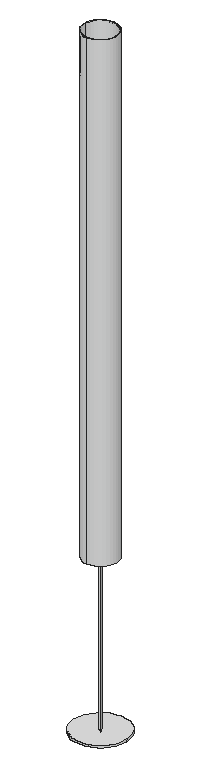
Revit family "Lighting-Pendant-Amerlux-Finch", category Lighting Fixtures, host Face, Revit 2020
Family settings
  Host = Face
  Round Connector Dimension = Use Diameter
  Part Type = Normal
  Cut with Voids When Loaded = No
  Light Source = Yes
  Shared = No
  Room Calculation Point = No
Parameters (values of type "FIN18-PM")
  Wattage = 9.2903 W
  built-in parameter 1150110 = 1 (stored number, unit not read)
  Voltage = 0 V
  Uplight [instance] = yes
  URL = "http://www.amerlux.com/"
  built-in parameter 1114217 = 1 (stored number, unit not read)
  Tilt Angle = -90.00°
  built-in parameter 1150109 = 1 (stored number, unit not read)
  built-in parameter 1150134 = 3
  Suspension Length [instance] = 2' - 0"
  built-in parameter 1150113 = 1 (stored number, unit not read)
  Power Factor = 1
  Photometric Web File = "Load File"
  Number of Poles = 1
  built-in parameter 1150142 = (empty or 0)
  Model = "Finch"
  Manufacturer = "Amerlux"
  built-in parameter 1150105 = 109.82 (stored number, unit not read)
  Lumens = 1380 lm
  built-in parameter 1150115 = 1 (stored number, unit not read)
  built-in parameter 1150137 = (empty or 0)
  built-in parameter 1150139 = (empty or 0)
  built-in parameter 1150112 = 1 (stored number, unit not read)
  built-in parameter 1150114 = 1 (stored number, unit not read)
  built-in parameter 1150132 = (empty or 0)
  built-in parameter 1150102 = (empty or 0)
  built-in parameter 1150107 = 3200 (stored number, unit not read)
  built-in parameter 1150138 = (empty or 0)
  built-in parameter 1150106 = 1.0982 (stored number, unit not read)
  Fixture Length = 1' - 6"
  Fixture Finish = Aluminum Finish
  Emit from Circle Diameter = 0' - 1 1/4"
  Emit Shape Visible in Rendering = no
  built-in parameter 1150104 = 13.8 (stored number, unit not read)
  Dimming Lamp Color Temperature Shift = <None>
  Description = "Pendant Mount"
  Default Elevation = 4' - 0"
  Color Filter = 16777215
  built-in parameter 1114218 = 1 (stored number, unit not read)
  built-in parameter 1150133 = 10 (stored number, unit not read)
  Apparent Load = 0 VA
Types (4): name | Fixture Length
  (no name) | 1' - 6"
  FIN9-PM | 0' - 9"
  FIN12-PM | 1' - 0"
  FIN18-PM | 1' - 6"
Reference planes (in)
  plane 1 "Center (Front/Back)": y = 0
  plane 2: z = 0
  plane 3 "Center (Left/Right)": x = 0
  plane 4: z = 0
  plane 5: z = 24
  plane 6: y = 3
  plane 7: y = -3
  plane 8: x = -1.73065
  plane 9: x = 1.73065
  plane 10: z = 0.4375
Forms (in)
  Extrusion 1, solid, material "Aluminum Finish"
    sketch origin (0, 0, -16.41762) x (0, 1, 0) y (-1, 0, 0)
      loop
        circle (0, 0) r 0.625
    from 22.41762 to 40.41762
  Extrusion 2, solid, material "Aluminum Finish"
    sketch origin (0, 0, 0) x (1, 0, 0) y (0, 1, 0)
      loop
        circle (0, 0) r 1
    from 0 to 0.08238
  Extrusion 3, void
    sketch origin (0, 1.0625, 3.08238) x (1, 0, 0) y (0, 1, 0)
      loop
        circle (0, -1.06397) r 0.60504
    from 19.41627 to 20.91762
  Extrusion 4, solid, material "Aluminum Finish"
    sketch origin (0, 0, 0) x (1, 0, 0) y (0, 1, 0)
      loop
        circle (0, 0) r 0.03093
    from 0 to 6
Cuts and joins
  Extrusion 3 cuts Extrusion 1
Dimensions and locks (in)
  plane 4 to host face = 0' - 0"
  equal spacing: plane 6, plane 1 "Center (Front/Back)", plane 7
  locked: plane 6 to plane 7 at 6
  locked: cut or joined group of Extrusion 1, Extrusion 3 to cut or joined group of Extrusion 1, Extrusion 3 at 1.50135
  "Suspension Length": plane 5 to host face
  "Fixture Length": cut or joined group of Extrusion 1, Extrusion 3 to cut or joined group of Extrusion 1, Extrusion 3
  diameter of Extrusion 1 sketch curve = 0' - 1 1/4"
  aligned and locked: plane 2 to host face
  aligned and locked: level to host face
  aligned and locked: plane 3 "Center (Left/Right)" to imposter light
  aligned and locked: imposter light to plane 5
  aligned and locked: plane 5 to cut or joined group of Extrusion 1, Extrusion 3  (x2)
  aligned and locked: plane 1 "Center (Front/Back)" to imposter light
  aligned and locked: Extrusion 4 to cut or joined group of Extrusion 1, Extrusion 3
  aligned and locked: Extrusion 4 to level
Automatic sketch dimensions
  host sketch curve to host sketch curve = 8' - 0"  (x2)
  plane 1 "Center (Front/Back)" to Extrusion 2 sketch curve = 0' - 0"
  Extrusion 2 sketch curve to plane 3 "Center (Left/Right)" = 0' - 0"
  plane 1 "Center (Front/Back)" to Extrusion 1 sketch curve = 0' - 0"
  Extrusion 1 sketch curve to plane 3 "Center (Left/Right)" = 0' - 0"
  Extrusion 3 sketch curve to plane 3 "Center (Left/Right)" = 0' - 0"
  plane 1 "Center (Front/Back)" to Extrusion 3 sketch curve = 0' - 0.00147"
  plane 1 "Center (Front/Back)" to Extrusion 4 sketch curve = 0' - 0"
  Extrusion 4 sketch curve to plane 3 "Center (Left/Right)" = 0' - 0"
  radius of Extrusion 2 sketch curve = 0' - 1"
  radius of Extrusion 3 sketch curve = 0' - 0.60504"
  radius of Extrusion 4 sketch curve = 0' - 0.03093"
Connectors (in)
  electrical at (0, 0, 0), driven by "Number of Poles", driven by "Voltage", driven by "Power Factor"
    settings: on Extrusion 2, index 1, voltage 0 V, apparent load 0 VA, apparent load phase1 0 VA, apparent load phase2 0 VA, apparent load phase3 0 VA, power factor 1, load classification "Other", number of poles 1, system type 31, power factor state 1, is connector primary yes, connector utility no, sub classification motor no, connector description ""
